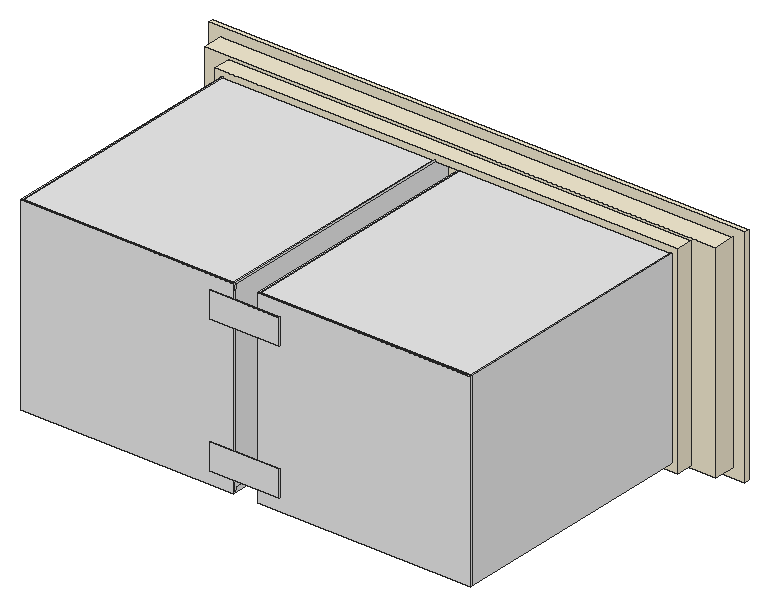
Revit family "Mailboxes_4C-Salsbury_Industries-Front_Load-3_Door_High_Units", category Specialty Equipment, host Wall, Revit 2016 (continued)
Definition of nested family "3700 Series 4C OM2 Configuration"
  Forms (in)
    Blend 11, solid, material <- "Front Panel Material", detail levels medium+fine
      base sketch origin (9.8895, -0.12695, 1.36923) x (-1, 0, 0) y (0, 0, 1)
        loop
          circle (4.202, -0.40977) r 0.15665
      top sketch origin (9.8895, -0.12695, 1.36923) x (-1, 0, 0) y (0, 0, 1)
        loop
          circle (4.202, -0.40977) r 0.3125
      from -0.11328 to 0
    Extrusion 12, solid, material <- "Lock Material"
      sketch origin (0, -0.12695, 0) x (-1, 0, 0) y (0, 0, 1)
        loop
          line (1.96028, 2.61547) -> (-1.64128, 2.61547)
          arc (-1.64128, 2.61547) -> (-1.78215, 2.55712) -> (-1.8405, 2.41625) r 0.19922
          line (-1.8405, 2.41625) -> (-1.8405, 0.81469)
          arc (-1.8405, 0.81469) -> (-1.78215, 0.67382) -> (-1.64128, 0.61547) r 0.19922
          line (-1.64128, 0.61547) -> (1.96028, 0.61547)
          arc (1.96028, 0.61547) -> (2.10115, 0.67382) -> (2.1595, 0.81469) r 0.19922
          line (2.1595, 0.81469) -> (2.1595, 2.41625)
          arc (2.1595, 2.41625) -> (2.10115, 2.55712) -> (1.96028, 2.61547) r 0.19922
      from 0 to -0.03906
    Extrusion 13, solid, material <- "Front Panel Material"
      sketch origin (-2.13946, 0, 3.50047) x (-1, 0, 0) y (0, -1, 0)
        loop
          line (4.54804, -0.12695) -> (4.54804, 0.31995) -> (-8.82696, 0.31995) -> (-8.82696, -0.12695) -> (4.54804, -0.12695)
      from 0 to 3.0094
    Extrusion 14, void
      sketch origin (0, -0.31995, 0) x (0, 0, -1) y (-1, 0, 0)
        loop
          arc (-5.67087, 5.0005) -> (-6.04587, 5.3755) -> (-6.42087, 5.0005) r 0.375
          line (-6.42087, 5.0005) -> (-6.42087, -5.0005)
          arc (-6.42087, -5.0005) -> (-6.04587, -5.3755) -> (-5.67087, -5.0005) r 0.375
          line (-5.67087, -5.0005) -> (-5.67087, 5.0005)
      from 0 to 0.44691
    Extrusion 15, solid, material <- "Front Panel Material"
      sketch origin (0, 0, 0) x (0, 1, 0) y (0, 0, 1)
        loop
          line (0.12695, 6.50987) -> (0.12695, 7.00047) -> (-0.46995, 7.00047) -> (-0.75605, 6.83078) -> (-0.73973, 6.80251) -> (-1.27431, 6.49388) -> (-1.29063, 6.52214) -> (-1.61027, 6.3376)
          arc (-1.61027, 6.3376) -> (-1.63087, 6.31111) -> (-1.62714, 6.27777) r 0.04454
          line (-1.62714, 6.27777) -> (-1.5282, 6.17883)
          arc (-1.5282, 6.17883) -> (-1.4937, 6.16211) -> (-1.4558, 6.15637) r 0.12791
          line (-1.4558, 6.15637) -> (-1.10623, 6.15637) -> (-0.49395, 6.50987) -> (0.12695, 6.50987)
      from -6.6875 to 6.6875
  Cuts and joins
    Extrusion 3 cuts Extrusion 1
    Extrusion 5 cuts Extrusion 4
    Extrusion 14 cuts Extrusion 13
  Lines and regions (in)
    symbolic lines
      curve 1: circle (-5.7025, -0.12695, 2.27147) r 0.3125 normal (0, 1, 0)
      curve 2: circle (-5.7025, -0.12695, 0.95947) r 0.3125 normal (0, 1, 0)
      curve 3: circle (-2.8895, -0.12695, 0.95947) r 0.3125 normal (0, 1, 0)
      curve 4: circle (-2.8895, -0.12695, 2.27147) r 0.3125 normal (0, 1, 0)
      curve 5: circle (-4.3275, -0.12695, 1.61523) r 0.42913 normal (0, 1, 0)
      curve 6: circle (5.6875, -0.12695, 0.95947) r 0.3125 normal (0, 1, 0)
      curve 7: circle (5.6875, -0.12695, 2.27147) r 0.3125 normal (0, 1, 0)
      curve 8: arc (-2.1595, -0.12695, 2.41625) -> (-2.10115, -0.12695, 2.55712) -> (-1.96028, -0.12695, 2.61547) r 0.19922
      curve 9: arc (1.8405, -0.12695, 2.41625) -> (1.78215, -0.12695, 2.55712) -> (1.64128, -0.12695, 2.61547) r 0.19922
      curve 10: arc (1.8405, -0.12695, 0.81469) -> (1.78215, -0.12695, 0.67382) -> (1.64128, -0.12695, 0.61547) r 0.19922
      curve 11: arc (-1.96028, -0.12695, 0.61547) -> (-2.10115, -0.12695, 0.67382) -> (-2.1595, -0.12695, 0.81469) r 0.19922
      curve 12: line (-2.1595, -0.12695, 0.81469) -> (-2.1595, -0.12695, 2.41625)
      curve 13: line (-1.96028, -0.12695, 2.61547) -> (1.64128, -0.12695, 2.61547)
      curve 14: line (1.8405, -0.12695, 2.41625) -> (1.8405, -0.12695, 0.81469)
      curve 15: line (1.64128, -0.12695, 0.61547) -> (-1.96028, -0.12695, 0.61547)
  Dimensions and locks (in)
    equal spacing: plane 6 "Back Face of Door", plane 1 "Center (Front/Back)", plane 7 "Front Face of Door"
    "Door Depth": plane 6 "Back Face of Door" to plane 7 "Front Face of Door"
    equal spacing: plane 4 "Left Side Face of Door", plane 3 "Center (Left/Right)", plane 5 "Right Side Face of Door"
    "Door Width": plane 4 "Left Side Face of Door" to plane 5 "Right Side Face of Door"
    plane 8 to level = 3.23047"
    equal spacing: plane 8, plane 9, level
    locked: plane 7 "Front Face of Door" to plane 10 at 0.343
    "Center Lock-Vertical": plane 4 "Left Side Face of Door" to plane 11 "Center Lock Vertical"
    "Center Lock-Horizontal": plane 8 to plane 12 "Center Lock Horizontal"
    locked: plane 14 "Divider Height Align" to plane 8 at 0.27
    plane 4 "Left Side Face of Door" to plane 16 "Left Stud Align" to plane 17 "Right Stud Align" = 0.985", 2.813"
    plane 8 to plane 18 "Top Stud Align" to plane 19 "Bottom Stud Align" = 0.959", 1.312"
    plane 20 "Hinge Stud Align" to plane 5 "Right Side Face of Door" = 1.000"
    plane 8 to plane 21 "Mail Plate Top" to plane 22 "Mail Plate Bottom" = 0.615", 2.000"
    plane 4 "Left Side Face of Door" to plane 23 to plane 24 = 4.528", 4.000"
    plane 27 "Top of Mail Drop Divider" to plane 26 "Top of Mail Drop Door" to plane 14 "Divider Height Align" = 0.26953" locked, 3.23047"
    "Door Height": plane 27 "Top of Mail Drop Divider" to level
    plane 28 "Face of Mail Drop" to plane 10 = 0.150"
    locked: plane 27 "Top of Mail Drop Divider" to plane 29 "Top of Mail Slot" at 0.5796
    locked: plane 29 "Top of Mail Slot" to plane 30 "Bottom of Mail Slot" at 0.75
    locked: plane 4 "Left Side Face of Door" to plane 31 "Left Edge of Mail Slot" at 1.312
    locked: plane 32 "Right Edge of Mail Slot" to plane 5 "Right Side Face of Door" at 1.312
    locked: plane 33 "Mail Slot Bottom Protusion" to plane 29 "Top of Mail Slot" at 0.089
    plane 28 "Face of Mail Drop" to plane 34 = 0.174"
    plane 33 "Mail Slot Bottom Protusion" to plane 35 = 0.3535"
    plane 28 "Face of Mail Drop" to plane 36 "Front of Awning" = 1.315"
    plane 4 "Left Side Face of Door" to plane 5 "Right Side Face of Door" = 13.375"
    plane 6 "Back Face of Door" to plane 36 "Front of Awning" = 1.76191"
    "Access Lock Offset": plane 39 "Access Lock Offset" to plane 6 "Back Face of Door"
    aligned and locked: level to plane 2 "Bottom of Door"
    aligned and locked: plane 4 "Left Side Face of Door" to Extrusion 1
    aligned and locked: plane 6 "Back Face of Door" to Extrusion 1
    aligned and locked: plane 7 "Front Face of Door" to Extrusion 1
    aligned and locked: Extrusion 1 to level
    aligned and locked: plane 8 to Extrusion 1
    aligned and locked: Extrusion 2 sketch curve to plane 4 "Left Side Face of Door"
    aligned and locked: Extrusion 2 sketch curve to plane 6 "Back Face of Door"
    aligned and locked: plane 5 "Right Side Face of Door" to Extrusion 2 sketch curve
    aligned and locked: Extrusion 2 to plane 8
    aligned and locked: plane 10 to Extrusion 2 sketch curve
    aligned and locked: plane 14 "Divider Height Align" to Extrusion 2
    aligned and locked: plane 4 "Left Side Face of Door" to Extrusion 2
    aligned and locked: Extrusion 2 to plane 5 "Right Side Face of Door"
    aligned and locked: Extrusion 13 to plane 28 "Face of Mail Drop"
    aligned and locked: plane 29 "Top of Mail Slot" to Extrusion 14 sketch curve
    aligned and locked: cut or joined group of Extrusion 13, Extrusion 14 to cut or joined group of Extrusion 13, Extrusion 14
    aligned and locked: cut or joined group of Extrusion 1, Extrusion 3 to plane 2 "Bottom of Door"
  Automatic sketch dimensions
    Extrusion 1 sketch curve to plane 4 "Left Side Face of Door" = 0.000"
    Extrusion 1 sketch curve to plane 6 "Back Face of Door" = 0.000"
    Extrusion 1 sketch curve to plane 7 "Front Face of Door" = 0.000"
    Extrusion 1 sketch curve to plane 5 "Right Side Face of Door" = 0.000"
    Extrusion 1 sketch curve to plane 4 "Left Side Face of Door" = 0.252"
    Extrusion 1 sketch curve to plane 20 "Hinge Stud Align" = 0.36875"
    Extrusion 1 sketch curve to plane 25 "Face of Mail Plate" = 0.07029"
    plane 5 "Right Side Face of Door" to Extrusion 1 sketch curve = 0.195"
    Extrusion 1 sketch curve to plane 25 "Face of Mail Plate" = 0.10562"
    Extrusion 1 sketch curve to plane 13 "Face of Lock" = 0.07658"
    plane 1 "Center (Front/Back)" to Extrusion 1 sketch curve = 0.05445"
    Extrusion 1 sketch curve to plane 13 "Face of Lock" = 0.12063"
    Extrusion 5 sketch curve to plane 11 "Center Lock Vertical" = 0.0293"
    plane 11 "Center Lock Vertical" to Extrusion 5 sketch curve = 0.0293"
    Extrusion 5 sketch curve to plane 9 = 0.30959"
    plane 9 to Extrusion 5 sketch curve = 0.30959"
    plane 16 "Left Stud Align" to Blend 6 sketch curve = 0.000"  (x2)
    Blend 6 sketch curve to plane 18 "Top Stud Align" = 0.000"  (x2)
    plane 17 "Right Stud Align" to Blend 7 sketch curve = 0.000"  (x2)
    Blend 7 sketch curve to plane 18 "Top Stud Align" = 0.000"  (x2)
    plane 16 "Left Stud Align" to Blend 8 sketch curve = 0.000"  (x2)
    Blend 8 sketch curve to plane 19 "Bottom Stud Align" = 0.000"  (x2)
    plane 17 "Right Stud Align" to Blend 9 sketch curve = 0.000"  (x2)
    Blend 9 sketch curve to plane 19 "Bottom Stud Align" = 0.000"  (x2)
    Blend 10 sketch curve to plane 18 "Top Stud Align" = 0.000"  (x2)
    plane 20 "Hinge Stud Align" to Blend 10 sketch curve = 0.000"  (x2)
    Blend 11 sketch curve to plane 19 "Bottom Stud Align" = 0.000"  (x2)
    plane 20 "Hinge Stud Align" to Blend 11 sketch curve = 0.000"  (x2)
    plane 24 to Extrusion 12 sketch curve = 0.000"
    Extrusion 12 sketch curve to plane 22 "Mail Plate Bottom" = 0.000"
    Extrusion 12 sketch curve to plane 21 "Mail Plate Top" = 0.000"
    plane 23 to Extrusion 12 sketch curve = 0.000"
    plane 24 to Extrusion 12 sketch curve = 0.19922"  (x2)
    plane 18 "Top Stud Align" to Extrusion 12 sketch curve = 0.14478"
    Extrusion 12 sketch curve to plane 23 = 0.19922"
    Extrusion 13 sketch curve to plane 5 "Right Side Face of Door" = 0.000"
    Extrusion 13 sketch curve to plane 4 "Left Side Face of Door" = 0.000"
    Extrusion 13 sketch curve to plane 6 "Back Face of Door" = 0.000"
    Extrusion 13 sketch curve to plane 7 "Front Face of Door" = 0.193"
    Extrusion 14 sketch curve to plane 30 "Bottom of Mail Slot" = 0.000"
    plane 32 "Right Edge of Mail Slot" to Extrusion 14 sketch curve = 0.375"
    Extrusion 14 sketch curve to plane 31 "Left Edge of Mail Slot" = 0.375"
    Extrusion 15 sketch curve to plane 35 = 0.000"
    Extrusion 15 sketch curve to plane 33 "Mail Slot Bottom Protusion" = 0.000"
    Extrusion 15 sketch curve to plane 34 = 0.000"
    Extrusion 15 sketch curve to plane 27 "Top of Mail Drop Divider" = 0.000"
    Extrusion 15 sketch curve to plane 6 "Back Face of Door" = 0.000"
    plane 26 "Top of Mail Drop Door" to Extrusion 15 sketch curve = 0.07158"
    Extrusion 15 sketch curve to plane 34 = 0.24578"
    plane 26 "Top of Mail Drop Door" to Extrusion 15 sketch curve = 0.09984"
    Extrusion 15 sketch curve to Extrusion 15 sketch curve = 0.01632"
    plane 37 to Extrusion 15 sketch curve = 0.05062"
    Extrusion 15 sketch curve to plane 33 "Mail Slot Bottom Protusion" = 0.01599"
    plane 33 "Mail Slot Bottom Protusion" to Extrusion 15 sketch curve = 0.01227"
    plane 36 "Front of Awning" to Extrusion 15 sketch curve = 0.17915"
    plane 35 to Extrusion 15 sketch curve = 0.02246"
    Extrusion 15 sketch curve to Extrusion 15 sketch curve = 0.0724"
    plane 36 "Front of Awning" to Extrusion 15 sketch curve = 0.04696"
    plane 36 "Front of Awning" to Extrusion 15 sketch curve = 0.02469"
    plane 36 "Front of Awning" to Extrusion 15 sketch curve = 0.00781"
    Extrusion 15 sketch curve to Extrusion 15 sketch curve = 0.05983"
    Extrusion 4 sketch curve to plane 9 = 0.000"
    plane 11 "Center Lock Vertical" to Extrusion 4 sketch curve = 0.000"
    Extrusion 3 sketch curve to plane 9 = 0.000"
    plane 11 "Center Lock Vertical" to Extrusion 3 sketch curve = 0.000"
    curve 6 to plane 19 "Bottom Stud Align" = 0.000"
    plane 20 "Hinge Stud Align" to curve 6 = 0.000"
    curve 7 to plane 18 "Top Stud Align" = 0.000"
    plane 20 "Hinge Stud Align" to curve 7 = 0.000"
    plane 24 to curve 14 = 0.000"
    curve 9 to plane 21 "Mail Plate Top" = 0.000"
    curve 11 to plane 22 "Mail Plate Bottom" = 0.000"
    plane 23 to curve 12 = 0.000"
    plane 17 "Right Stud Align" to curve 4 = 0.000"
    plane 17 "Right Stud Align" to curve 3 = 0.000"
    curve 5 to plane 9 = 0.000"
    plane 11 "Center Lock Vertical" to curve 5 = 0.000"
    plane 16 "Left Stud Align" to curve 1 = 0.000"
    plane 16 "Left Stud Align" to curve 2 = 0.000"
    curve 2 to plane 19 "Bottom Stud Align" = 0.000"
    curve 3 to plane 19 "Bottom Stud Align" = 0.000"
    curve 1 to plane 18 "Top Stud Align" = 0.000"
    curve 4 to plane 18 "Top Stud Align" = 0.000"
    plane 18 "Top Stud Align" to curve 9 = 0.14478"
    curve 10 to plane 19 "Bottom Stud Align" = 0.14478"
    plane 18 "Top Stud Align" to curve 8 = 0.14478"
    curve 11 to plane 19 "Bottom Stud Align" = 0.14478"
    radius of Blend 6 sketch curve = 0.15665"
    radius of Blend 6 sketch curve = 0.3125"
    radius of Blend 7 sketch curve = 0.15665"
    radius of Blend 7 sketch curve = 0.3125"
    radius of Blend 8 sketch curve = 0.15665"
    radius of Blend 8 sketch curve = 0.3125"
    radius of Blend 9 sketch curve = 0.15665"
    radius of Blend 9 sketch curve = 0.3125"
    radius of Blend 10 sketch curve = 0.15665"
    radius of Blend 10 sketch curve = 0.3125"
    radius of Blend 11 sketch curve = 0.15665"
    radius of Blend 11 sketch curve = 0.3125"
    radius of Extrusion 4 sketch curve = 0.42913"
    radius of Extrusion 3 sketch curve = 0.4375"
    radius of curve 1 = 0.3125"
    radius of curve 2 = 0.3125"
    radius of curve 3 = 0.3125"
    radius of curve 4 = 0.3125"
    radius of curve 5 = 0.42913"
    radius of curve 6 = 0.3125"
    radius of curve 7 = 0.3125"
Types (4): name | Width | Model | Door Slot R3 Number | Door Slot R3 | Door Slot R1 Number | Door Slot R1 | Door Slot L3 Number | Door Slot L3 | Door Slot L2 Number | Door Slot L2 | Door Slot L1 Number | Door Slot L1 | Description
  3703D-04 FL | 31.09766" | "3703D-04 FL" | "0" | 3700 Series 4C OM2 Configuration : OM2-FL | "4" | 3700 Series 4C Door Configurations : MB1 Door | "3" | 3700 Series 4C Door Configurations : MB1 Door w/ Divider | "2" | 3700 Series 4C Door Configurations : MB1 Door w/ Divider | "1" | 3700 Series 4C Door Configurations : MB1 Door | "3 Door High Unit:  4 MB1, OM2"
  3703S-01 FL | 16.344" | "3703S-01 FL" | "0" | 3700 Series 4C OM2 Configuration : OM2-FL | "1" | 3700 Series 4C Door Configurations : MB1 Door | "0" | 3700 Series 4C Door Configurations : Empty | "0" | 3700 Series 4C Door Configurations : Empty | "0" | 3700 Series 4C Door Configurations : Empty | "3 Door High Unit:  1 MB1, OM2"
  3703D-2P FL | 31.09766" | "3703D-2P FL" | "2P" | 3700 Series 4C Parcel Configurations : PL3 | "0" | 3700 Series 4C Door Configurations : Empty | "1P" | 3700 Series 4C Parcel Configurations : PL3 | "0" | 3700 Series 4C Door Configurations : Empty | "0" | 3700 Series 4C Door Configurations : Empty | "3 Door High Unit:  2 PL3"
  3703S-1P FL | 16.344" | "3703S-1P FL" | "1P" | 3700 Series 4C Parcel Configurations : PL3 | "0" | 3700 Series 4C Door Configurations : Empty | "0" | 3700 Series 4C Door Configurations : Empty | "0" | 3700 Series 4C Door Configurations : Empty | "0" | 3700 Series 4C Door Configurations : Empty | "3 Door High Unit:  1 PL3"
